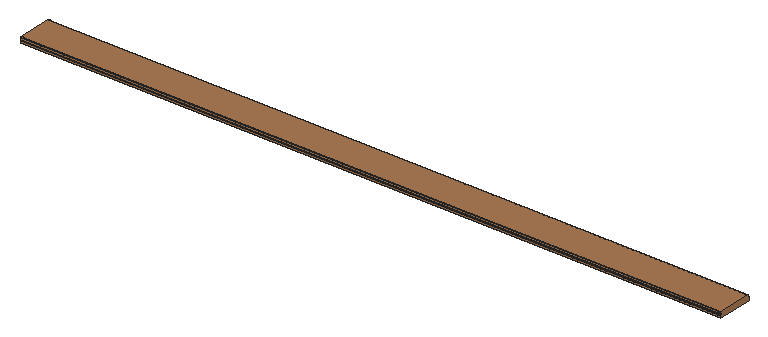
Revit family "SCI_FL_DK21-L6 EU", category Generic Models, host Floor, Revit 2019
Family settings
  Host = Floor
  Can host rebar = No
  Round Connector Dimension = Use Diameter
  Part Type = Normal
  Always vertical = Yes
  Cut with Voids When Loaded = No
  Shared = No
  Room Calculation Point = No
Parameters
  Weight/Sheet (kg) = 9.9
  W = 140 mm
  Sub-Category = "ไม้พื้น"
  Series = "ไม้พื้นตันลักซูรี่ ผิวเคลืบ หน้ 6\"(Decking Luxury EU 6\")"
  Product code = "DK21-L6 EU"
  Product Type = "ไม้พื้น ภายนอก(Decking Outdoor)"
  Product Description = "https://bit.ly/3gU6PyY"
  No. of pc / sq.m. = 2.55
  Material main = WPC
  Material = Teak
  Manufacturer = "SCI WOOD"
  L = 2800 mm
  Keynote = ""
  Instruction Video = "https://youtu.be/5dEMXPDnq1Y"
  D = 21 mm
  Category = "พื้น"
  Catalog = "https://bit.ly/3ftvBpc"
  Assembly Code = ""
Reference planes
  plane 1 "Center (Front/Back)": y = 0
  plane 2: z = 0
  plane 3 "Center (Left/Right)": x = 0
  plane 4: x = -1400
  plane 5: x = 1400
  plane 6: z = 21
  plane 7: y = 70
  plane 8: y = -70
  plane 9: y = 65
  plane 10: y = -65
  plane 11: z = 13.297
  plane 12: z = 7.703
  plane 13: z = 10.5
Forms (mm)
  Extrusion 1, solid, material "Teak" <- "Material"
    sketch origin (0, 0, 0) x (0, 1, 0) y (0, 0, 1)
      loop
        line (70, 0) -> (70, 7.703) -> (65, 7.703) -> (65, 13.297) -> (70, 13.297) -> (70, 19.8)
        arc (70, 19.8) -> (69.649, 20.649) -> (68.8, 21) r 1.2
        line (68.8, 21) -> (-68.8, 21)
        arc (-68.8, 21) -> (-69.649, 20.649) -> (-70, 19.8) r 1.2
        line (-70, 19.8) -> (-70, 13.297) -> (-65, 13.297) -> (-65, 7.703) -> (-70, 7.703) -> (-70, 0) -> (70, 0)
    from -1400 to 1400
Dimensions and locks
  equal spacing: plane 5, plane 3 "Center (Left/Right)", plane 4
  "L": plane 5 to plane 4
  "D": plane 6 to plane 2
  equal spacing: plane 7, plane 1 "Center (Front/Back)", plane 8
  "W": plane 7 to plane 8
  locked: plane 7 to plane 9 at 5
  plane 10 to plane 8 = 5 mm
  equal spacing: plane 6, plane 13, plane 2
  plane 6 to plane 11 = 7.703 mm
  plane 12 to level = 7.703 mm
  equal spacing: plane 11, plane 13, plane 12, locked at 2.797 each
  aligned and locked: level to plane 2
  aligned and locked: plane 5 to Extrusion 1
  aligned and locked: Extrusion 1 to plane 4
  aligned and locked: plane 7 to Extrusion 1 sketch curve  (x2)
  aligned and locked: Extrusion 1 sketch curve to plane 8  (x2)
  aligned and locked: plane 6 to Extrusion 1 sketch curve
  aligned and locked: Extrusion 1 sketch curve to plane 9
  aligned and locked: Extrusion 1 sketch curve to plane 10
  aligned and locked: Extrusion 1 sketch curve to plane 11
  aligned and locked: Extrusion 1 sketch curve to plane 12
  aligned and locked: plane 11 to Extrusion 1 sketch curve
  aligned and locked: plane 12 to Extrusion 1 sketch curve
Automatic sketch dimensions
  Extrusion 1 sketch curve to plane 7 = 0 mm  (x2)
  Extrusion 1 sketch curve to level = 0 mm
  Extrusion 1 sketch curve to plane 8 = 1.2 mm
  plane 7 to Extrusion 1 sketch curve = 1.2 mm
